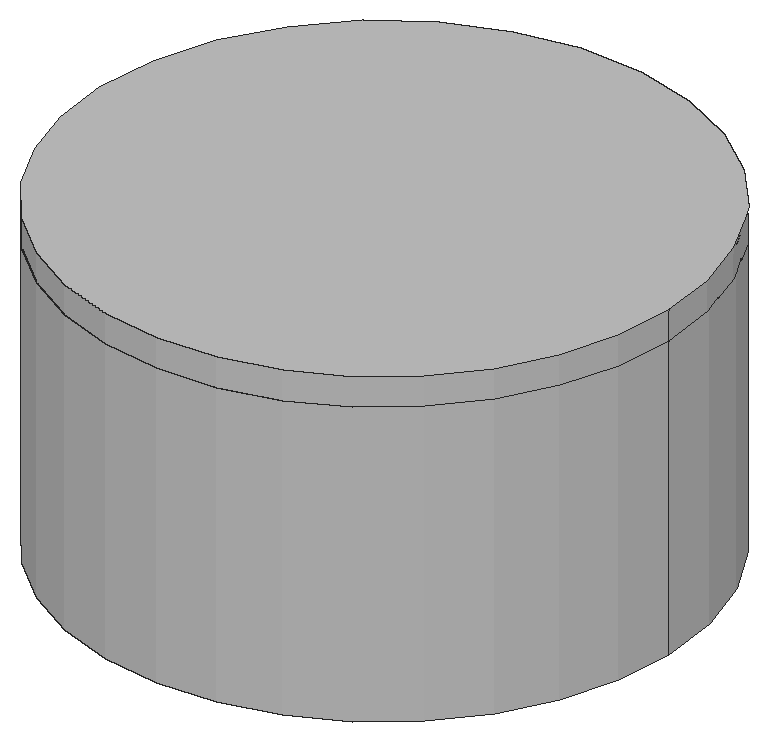
Revit family "Platek_Circus", category Apparecchi per illuminazione, Revit 2017
Family settings
  Quota connettore circolare = Usa diametro
  Tipo di parte = Normale
  Basato su piano di lavoro = Sì
  Sempre verticale = No
  Taglio con vuoti quando caricato = No
  Sorgente d'illuminazione = Sì
  Condiviso = No
  Punto di calcolo locali = No
Parameters (values of type "4520318_14W_LED_3000K_Downlight")
  Wattage = 11.7139 W
  Default Elevation = 1219.2 mm
  L.260_400 = yes
  Body = PLK_Grey
  Variazione temperatura colore lampada con luminosità attenuata = <Nessuno>
  URL = "www.platek.eu"
  built-in parameter 1150107 = 3000 (stored number, unit not read)
  Supply Voltage Min = 220 V
  Supply Voltage Max = 240 V
  Supply Voltage = 230 V
  Rendi la forma visibile nel rendering = no
  Produttore = "PLATEK SRL"  # constant formula
  Product Page URL = "http://www.platek.eu/ita/catalogo.php?catseaname=circus"
  Product Documentation Link = "http://www.platek.eu/ita/catalogo.php?catseaname=circus"
  Product Dimension = "L114mm x D210mm"
  Power Supply Unit = "Included"
  built-in parameter 1150110 = 1 (stored number, unit not read)
  built-in parameter 1150109 = 1 (stored number, unit not read)
  built-in parameter 1114218 = 1 (stored number, unit not read)
  built-in parameter 1150112 = 1 (stored number, unit not read)
  PLATEK Article Code = "4520318"
  Nota chiave = "5mm flat tempered sandblasted glass; Other Led colors available on request"
  Mounting Type = "Ceiling"
  Modello = "Circus Downlight"  # constant formula
  built-in parameter 1150137 = (empty or 0)
  built-in parameter 1150132 = 2
  Manufacturer Comment = "IP68 Connector Included"
  Luminaire Wattage = 14 W
  Luminaire Luminous Intensity = 995 cd
  Luminaire Luminous Flux = 1740 lm
  Light Source = PLK_Light Source
  Lampada = "LED"
  LED Protection = "Surge protection included"
  built-in parameter 1150105 = 993.44 (stored number, unit not read)
  built-in parameter 1150102 = (empty or 0)
  Insulation Class = "1"
  Immagine tipo = circus_plafoniera.jpg
  built-in parameter 1150106 = 9.9344 (stored number, unit not read)
  IP Rating = "IP65"
  IK Rating = "IK08"
  Frequency = "50/60 Hz"
  Lumens = 1740 lm
  Color Filter = 16777215
  File diagramma fotometrico = "4520318.IES"
  built-in parameter 1114217 = 1 (stored number, unit not read)
  built-in parameter 1150139 = (empty or 0)
  Energy Efficiency Rating = "A/A+/A++"
  Emetti da diametro cerchio = 144 mm  # constant formula
  built-in parameter 1150104 = 13.8 (stored number, unit not read)
  built-in parameter 1150115 = 1 (stored number, unit not read)
  built-in parameter 1150114 = 1 (stored number, unit not read)
  built-in parameter 1150113 = 1 (stored number, unit not read)
  Dimmable = "No"
  Diffuse Type = "Diffuse Glass"
  Descrizione = "Outdoor lighting, Downlight, Ceiling mounted"
  Commenti sul tipo = "Ceiling, Balconies, Front Porch"
  Colour Temperature = 3000 K
  built-in parameter 1150134 = (empty or 0)
  built-in parameter 1150138 = (empty or 0)
  Codice assieme = "4520318.01(Black); 4520318.02(White); 4520318.07(Corten); 4520318.09(Bronze)"
  Apparent Load = 0 VA
  Cable Lenght = "Cable input Ø 1÷18 mm"
  CRI = ">80"
  Tilt Angle = 90.00°
  built-in parameter 1150133 = 10 (stored number, unit not read)
Types (3, lengths in mm): name | Wattage | Body | PLATEK Article Code | Luminaire Wattage | Luminaire Luminous Intensity | Luminaire Luminous Flux | built-in parameter 1150105 | built-in parameter 1150106 | Lumens | File diagramma fotometrico | Codice assieme
  (no name) | 11.7139 W | PLK_Grey | "4520318" | 14 W | 995 cd | 1740 lm | 993.44 (stored number, unit not read) | 9.9344 (stored number, unit not read) | 1740 lm | "4520318.IES" | "4520318.01(Black); 4520318.02(White); 4520318.07(Corten); 4520318.09(Bronze)"
  4520518_18,5W_LED_3000K_Downlight | 12.4544 W | PLK_06_Grey | "4520518" | 18.5 W | 1057 cd | 1850 lm | 147.22 (stored number, unit not read) | 1.4722 (stored number, unit not read) | 1850 lm | "4520518.IES" | "4520518.01(Black); 4520518.02(White); 4520518.07(Corten); 4520518.09(Bronze)"
  4520318_14W_LED_3000K_Downlight | 11.7139 W | PLK_Grey | "4520318" | 14 W | 995 cd | 1740 lm | 993.44 (stored number, unit not read) | 9.9344 (stored number, unit not read) | 1740 lm | "4520318.IES" | "4520318.01(Black); 4520318.02(White); 4520318.07(Corten); 4520318.09(Bronze)"
Reference planes
  plane 1 "Centro (Fronte/Retro)": y = 0
  plane 2: z = 0
  plane 3 "Centro (Sinistra/Destra)": x = 0
  plane 4: x = -95
  plane 5: x = 95
  plane 6: x = -78.555
  plane 7: x = 78.555
  plane 8: x = -72.369
  plane 9: x = 72.369
  plane 10: z = -83.991
  plane 11: z = -88.991
  plane 12: z = -114
  plane 13: z = -10
  plane 14: z = -46.996
Forms (mm)
  Extrusion 1, void, detail levels medium+fine
    sketch origin (0, 0, -383) x (-1, 0, 0) y (0, -1, 0)
      loop
        circle (0, 0) r 72.369
    from 294.009 to 336
  Revolve 2, solid, material "PLK_Grey" <- "Body", detail levels medium+fine
    sketch origin (0, 0, 0) x (1, 0, 0) y (0, 0, 1)
      loop
        line (0, -10) -> (-105, -10) -> (-105, -114) -> (-95, -114) -> (-72.369, -88.991) -> (0, -88.991) -> (0, -10)
      axis (0, -10) -> (0, -114)
    angle from 0 to 360
  Extrusion 3, solid, material "PLK_Light Source" <- "Light Source", detail levels medium+fine
    sketch origin (0, 0, -383) x (-1, 0, 0) y (0, -1, 0)
      loop
        circle (0, 0) r 72.369
    from 294.009 to 299.009
  Extrusion 4, solid, material "PLK_Grey" <- "Body", detail levels medium+fine
    sketch origin (0, 0, -383) x (-1, 0, 0) y (0, -1, 0)
      loop
        circle (0, 0) r 105
    from 373 to 383
  Extrusion 5, solid, material "PLK_Grey" <- "Body", detail levels coarse
    sketch origin (0, 0, -383) x (-1, 0, 0) y (0, -1, 0)
      loop
        circle (0, 0) r 105
    from 269 to 383
Cuts and joins
  Extrusion 1 cuts Revolve 2
Dimensions and locks
  equal spacing: plane 4, plane 3 "Centro (Sinistra/Destra)", plane 5, locked at 95 each
  equal spacing: plane 6, plane 3 "Centro (Sinistra/Destra)", plane 7, locked at 78.555 each
  equal spacing: plane 8, plane 3 "Centro (Sinistra/Destra)", plane 9, locked at 72.369 each
  plane 2 to plane 13 to plane 14 to plane 10 to plane 11 to plane 12 = 10 mm locked, 36.996 mm locked, 36.996 mm locked, 5 mm locked, 25.009 mm locked
  radius of Extrusion 1 sketch curve = 72.369 mm
  radius of Extrusion 3 sketch curve = 72.369 mm
  radius of Extrusion 5 sketch curve = 105 mm
  aligned and locked: level to plane 2
  aligned and locked: Revolve 2 sketch curve to plane 3 "Centro (Sinistra/Destra)"
  aligned and locked: Extrusion 1 to plane 11
  aligned and locked: plane 10 to Extrusion 3
  aligned and locked: plane 2 to Extrusion 4
  aligned and locked: Extrusion 4 to plane 13
  aligned and locked: Extrusion 5 to plane 12
  aligned and locked: plane 2 to Extrusion 5
  aligned and locked: imposter light to plane 3 "Centro (Sinistra/Destra)"
  aligned and locked: imposter light to plane 11
  aligned and locked: Extrusion 3 to imposter light
  aligned and locked: imposter light to plane 1 "Centro (Fronte/Retro)"
Automatic sketch dimensions
  plane 1 "Centro (Fronte/Retro)" to Extrusion 1 sketch curve = 0 mm
  Extrusion 1 sketch curve to plane 3 "Centro (Sinistra/Destra)" = 0 mm
  Revolve 2 sketch curve to plane 13 = 0 mm
  Revolve 2 sketch curve to plane 12 = 0 mm
  plane 4 to Revolve 2 sketch curve = 0 mm
  plane 8 to Revolve 2 sketch curve = 0 mm
  Revolve 2 sketch curve to plane 3 "Centro (Sinistra/Destra)" = 0 mm
  Revolve 2 sketch curve to plane 11 = 0 mm
  plane 4 to Revolve 2 sketch curve = 10 mm
  Revolve 2 sketch curve to plane 12 = 46 mm
  level to Revolve 2 sketch curve = 15 mm
  plane 1 "Centro (Fronte/Retro)" to Extrusion 3 sketch curve = 0 mm
  Extrusion 3 sketch curve to plane 3 "Centro (Sinistra/Destra)" = 0 mm
  plane 1 "Centro (Fronte/Retro)" to Extrusion 4 sketch curve = 0 mm
  Extrusion 4 sketch curve to plane 3 "Centro (Sinistra/Destra)" = 0 mm
  plane 1 "Centro (Fronte/Retro)" to Extrusion 5 sketch curve = 0 mm
  Extrusion 5 sketch curve to plane 3 "Centro (Sinistra/Destra)" = 0 mm
  radius of Extrusion 4 sketch curve = 105 mm
